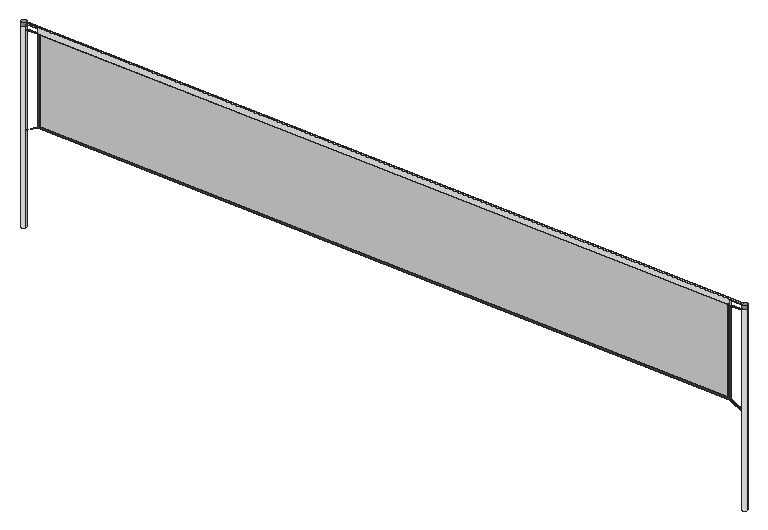
Revit family "Badminton-System_Competition_BM10", category Generic Models, Revit 2023
Family settings
  Can host rebar = No
  Round Connector Dimension = Use Diameter
  Part Type = Normal
  OmniClass Number = 23.40.50.34.14
  OmniClass Title = Gymnasium Equipment
  Work Plane-Based = No
  Always vertical = Yes
  Cut with Voids When Loaded = No
  Maintain Annotation Orientation = No
  Shared = No
  Room Calculation Point = No
Parameters
  URL = "https://ipibybison.com/"
  Test Data = "http://www.ipibybison.com/ToolBox.php"
  Specification = "https://www.arcat.com/arcatcos/cos49/arc49571.html"
  Sales Information = "http://www.ipibybison.com/DealersPage.php"
  Revision = "R1_2018-09"
  Product Data = "http://www.arcat.com/arcatcos/cos38/arc38554.html"
  Post Finish = Powder Coat - White
  Post Diameter = 0' - 1.67"
  Net Height = 2' - 6"
  Net Frame Material = Fabric - Black - Netting Frame
  Netting = Finish - IPI by Bison - White Netting
  Model = "As Specified"
  Manufacturer Website = "http://www.ipibybison.com/"
  Manufacturer Phone - Toll Free = "888-438-5311"
  Manufacturer Phone = "888-438-5311"
  Manufacturer Fax = "888-438-5312"
  Manufacturer Address = "603 L St.   Lincoln, NE 68508"
  Manufacturer = "BRP by bison"
  Length = 20' - 0"
  Keynote = "11 66 00"
  Installation-Fabrication = "http://www.ipibybison.com/InstallersPage.php"
  Height = 5' - 1"
  Green Building-LEED = "https://www.arcat.com/green/green_building.shtml"
  Drawn By = "Sumex Design, Inc. / Robert S. Weygant, CSI, CDT, SCIP"
  Description = "IPI by Bison Gymnasium Equipment"
  Default Elevation = 0' - 0"
  Copyright = "©Arcat Inc."
  Construction Details = "https://www.arcat.com/downloads/38554-brpbis/bim/bison/BRP%20by%20bison"
  Category = ""
  Building Codes = "https://www.brpbybison.com/submittals.html"
Reference planes (in)
  plane 1 "Center (Front/Back)": y = 0
  plane 2 "Bottom": z = 0
  plane 3 "Center (Left/Right)": x = 0
  plane 4 "Left": x = -120
  plane 5 "Right": x = 120
  plane 6 "Top": z = 61
  plane 7: x = 115
  plane 8: x = -115
  plane 9: z = 31
  plane 10: z = 59.13
  plane 11: x = -114.42
  plane 12: x = 114.42
  plane 13: z = 31.59375
  plane 14: y = 0.125
  plane 15: y = -0.125
  plane 16: z = 60.63
  plane 17: z = 60.065
Forms (in)
  Extrusion 1, solid, material "Powder Coat - White" <- "Post Finish"
    sketch origin (0, 0, 0) x (1, 0, 0) y (0, 1, 0)
      loop
        circle (-120, 0) r 0.835
      loop
        circle (120, 0) r 0.835
    from 0 to 60.065
  Extrusion 2, solid, material "Fabric - Black - Netting Frame" <- "Net Frame Material"
    sketch origin (0, 0, 0) x (1, 0, 0) y (0, 0, 1)
      loop
        line (-115, 31.13908) -> (-120, 28.70041) -> (-120, 28.56134) -> (-115, 31) -> (115, 31) -> (120, 28.56134) -> (120, 28.70041) -> (115, 31.13908) -> (115, 59.005) -> (120, 59.005) -> (120, 59.13) -> (114.42, 59.13) -> (114.42, 31.59375) -> (-114.42, 31.59375) -> (-114.42, 59.13) -> (-120, 59.13) -> (-120, 59.005) -> (-115, 59.005) -> (-115, 31.13908)
    from -0.125 to 0.125
  Extrusion 3, solid, material "Finish - IPI by Bison - White Netting" <- "Netting"
    sketch origin (0, 0, 0) x (1, 0, 0) y (0, 0, 1)
      loop
        line (-114.42, 59.13) -> (-114.42, 31.59375) -> (114.42, 31.59375) -> (114.42, 59.13) -> (-114.42, 59.13)
    from -0.125 to 0.125
  Extrusion 4, solid, material "Aluminum"
    sketch origin (0, 0, 0) x (1, 0, 0) y (0, 1, 0)
      loop
        circle (-120, 0) r 0.835
      loop
        circle (120, 0) r 0.835
    from 60.065 to 61
  Extrusion 5, solid, material "Powder Coat - White" <- "Post Finish"
    sketch origin (0, 0, 0) x (1, 0, 0) y (0, 0, 1)
      loop
        line (-119.16585, 61) -> (-119.16585, 60.63) -> (-115, 60.63) -> (-115, 59.13) -> (115, 59.13) -> (115, 60.63) -> (119.16585, 60.63) -> (119.16585, 61) -> (-119.16585, 61)
    from -0.125 to 0.125
Dimensions and locks (in)
  equal spacing: plane 4 "Left", plane 3 "Center (Left/Right)", plane 5 "Right"
  "Length": plane 4 "Left" to plane 5 "Right"
  "Height": plane 6 "Top" to level
  locked: plane 7 to plane 5 "Right" at 5
  locked: plane 8 to plane 4 "Left" at 5
  "Net Height": plane 6 "Top" to plane 9
  locked: plane 6 "Top" to plane 10 at 1.87
  locked: plane 11 to plane 8 at 0.58
  locked: plane 12 to plane 7 at 0.58
  locked: plane 13 to plane 9 at 0.59375
  locked: plane 14 to plane 1 "Center (Front/Back)" at 0.125
  locked: plane 15 to plane 1 "Center (Front/Back)" at 0.125
  locked: plane 6 "Top" to plane 16 at 0.37
  locked: plane 9 to Extrusion 2 sketch curve at 2.43866  (x2)
  equal spacing: plane 6 "Top", plane 17, plane 10
  locked: plane 10 to Extrusion 2 sketch curve at 0.125  (x2)
  locked: Extrusion 5 sketch curve to plane 5 "Right" at 0.83415
  locked: Extrusion 5 sketch curve to plane 4 "Left" at 0.83415
  "Post Diameter": diameter of Extrusion 1 sketch curve  (x2)
  "Post Diameter": diameter of Extrusion 4 sketch curve  (x2)
  aligned and locked: plane 2 "Bottom" to level
  aligned and locked: plane 1 "Center (Front/Back)" to Extrusion 1 sketch curve  (x2)
  aligned and locked: plane 4 "Left" to Extrusion 1 sketch curve
  aligned and locked: plane 5 "Right" to Extrusion 1 sketch curve
  aligned and locked: Extrusion 1 to level
  aligned and locked: plane 8 to Extrusion 2 sketch curve
  aligned and locked: plane 9 to Extrusion 2 sketch curve  (x2)
  aligned and locked: plane 12 to Extrusion 2 sketch curve
  aligned and locked: plane 13 to Extrusion 2 sketch curve
  aligned and locked: plane 11 to Extrusion 2 sketch curve
  aligned and locked: plane 14 to Extrusion 2
  aligned and locked: plane 5 "Right" to Extrusion 2 sketch curve
  aligned and locked: Extrusion 2 sketch curve to plane 10
  aligned and locked: Extrusion 2 sketch curve to plane 5 "Right"
  aligned and locked: plane 7 to Extrusion 2 sketch curve  (x2)
  aligned and locked: plane 4 "Left" to Extrusion 2 sketch curve
  aligned and locked: Extrusion 2 sketch curve to plane 4 "Left"
  aligned and locked: plane 10 to Extrusion 2 sketch curve
  aligned and locked: Extrusion 3 sketch curve to plane 10
  aligned and locked: plane 13 to Extrusion 3 sketch curve
  aligned and locked: plane 11 to Extrusion 3 sketch curve
  aligned and locked: plane 12 to Extrusion 3 sketch curve
  aligned and locked: plane 14 to Extrusion 3
  aligned and locked: plane 15 to Extrusion 3
  aligned and locked: plane 17 to Extrusion 1
  aligned and locked: plane 4 "Left" to Extrusion 4 sketch curve
  aligned and locked: plane 1 "Center (Front/Back)" to Extrusion 4 sketch curve  (x2)
  aligned and locked: plane 5 "Right" to Extrusion 4 sketch curve
  aligned and locked: Extrusion 4 to plane 17
  aligned and locked: plane 6 "Top" to Extrusion 4
  aligned and locked: Extrusion 5 sketch curve to plane 6 "Top"
  aligned and locked: plane 10 to Extrusion 5 sketch curve
  aligned and locked: plane 7 to Extrusion 5 sketch curve
  aligned and locked: Extrusion 5 sketch curve to plane 16
  aligned and locked: plane 8 to Extrusion 5 sketch curve
  aligned and locked: plane 16 to Extrusion 5 sketch curve
  aligned and locked: plane 14 to Extrusion 5
  aligned and locked: plane 15 to Extrusion 5
Automatic sketch dimensions
  Extrusion 2 sketch curve to plane 8 = 0' - 0"
  Extrusion 2 sketch curve to Extrusion 2 sketch curve = 0' - 0.13908"  (x2)
  plane 9 to Extrusion 2 sketch curve = 0' - 0.13908"  (x2)
